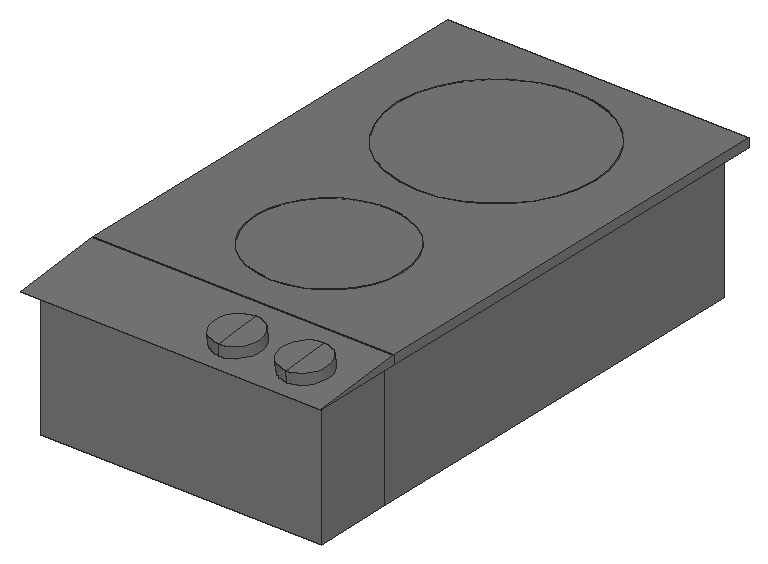
Revit family "VI230620", category Generic Models, Revit 2014
Parameters (values of type "VI230620")
  Width = 288 mm
  URL = "http://www.gaggenau.com."
  Model = "VI230620"
  Manufacturer = "Gaggenau"
  Height = 133 mm
  Unit = Black
  Description = "Gaggenau Vario 200 Series 2 induction cooktop"
  Depth = 512 mm
  Burner = Black
  Adjustment = Black
Reference planes
  plane 1 "Center (Front/Back)": y = 0
  plane 2: z = 0
  plane 3 "Center (Left/Right)": x = 0
  plane 4: x = -144
  plane 5: x = 144
  plane 6: y = 256
  plane 7: y = -256
  plane 8: z = 133
  plane 9: z = 124.5
Forms (mm)
  Extrusion 1, solid, material "Black" <- "Unit"
    sketch origin (0, 0, 0) x (1, 0, 0) y (0, 1, 0)
      loop
        line (-144, 256) -> (-144, -168.935) -> (144, -168.935) -> (144, 256) -> (-144, 256)
      loop
        circle (0, 134.109) r 95
      loop
        circle (0, -66.091) r 70
    from 124.5 to 133
  Extrusion 2, solid, material "Black" <- "Unit"
    sketch origin (0, 0, 0) x (0, 1, 0) y (0, 0, 1)
      loop
        line (-168.935, 133) -> (-256, 124.5) -> (-168.935, 124.5) -> (-168.935, 133)
    from -144 to 144
  Extrusion 3, solid, material "Black" <- "Unit"
    sketch origin (0, 0, 0) x (0, 1, 0) y (0, 0, 1)
      loop
        line (-168.935, 0) -> (-168.935, 124.5) -> (-244.036, 124.5) -> (-244.036, 0) -> (-168.935, 0)
    from -133.509 to 134.942
  Revolve 4, solid, material "Black" <- "Adjustment"
    sketch origin (100, 8.611, 18.146) x (0, 0.994972, 0.100156) y (0, -0.100156, 0.994972)
      loop
        line (-193.106, 132.266) -> (-193.106, 142.699) -> (-215.538, 142.699) -> (-215.538, 132.266) -> (-193.106, 132.266)
      axis (-215.538, 132.266) -> (-215.538, 142.699)
    angle from 0 to 360
  Extrusion 5, solid, material "Black" <- "Unit"
    sketch origin (0, 0, 0) x (0, 1, 0) y (0, 0, 1)
      loop
        line (-168.935, 124.5) -> (-168.935, 0) -> (238.418, 0) -> (238.418, 124.5) -> (-168.935, 124.5)
    from -133.509 to 134.942
  Extrusion 6, solid, material "Black" <- "Burner"
    sketch origin (0, 0, 133) x (1, 0, 0) y (0, 1, 0)
      loop
        circle (0, 134.109) r 95
      loop
        circle (0, -66.091) r 70
    from 0 to -8.5
  Revolve 7, solid, material "Black" <- "Adjustment"
    sketch origin (35, 8.611, 18.146) x (0, 0.994972, 0.100156) y (0, -0.100156, 0.994972)
      loop
        line (-193.106, 132.266) -> (-193.106, 142.699) -> (-215.538, 142.699) -> (-215.538, 132.266) -> (-193.106, 132.266)
      axis (-215.538, 132.266) -> (-215.538, 142.699)
    angle from 0 to 360
Dimensions and locks
  equal spacing: plane 4, plane 3 "Center (Left/Right)", plane 5
  equal spacing: plane 6, plane 1 "Center (Front/Back)", plane 7
  "Width": plane 4 to plane 5
  "Depth": plane 6 to plane 7
  "Height": plane 8 to plane 2
  locked: plane 8 to plane 9 at 8.5
  plane 9 to level = 124.5 mm
  aligned and locked: level to plane 2
Automatic sketch dimensions
  Extrusion 1 sketch curve to plane 4 = 0 mm
  Extrusion 1 sketch curve to plane 3 "Center (Left/Right)" = 0 mm  (x2)
  Extrusion 1 sketch curve to plane 5 = 0 mm
  Extrusion 1 sketch curve to plane 6 = 0 mm
  Extrusion 1 sketch curve to plane 6 = 121.891 mm
  plane 1 "Center (Front/Back)" to Extrusion 1 sketch curve = 66.091 mm
  Extrusion 1 sketch curve to plane 7 = 87.065 mm
  Extrusion 2 sketch curve to plane 7 = 0 mm
  Extrusion 2 sketch curve to plane 9 = 0 mm
  Extrusion 2 sketch curve to plane 8 = 0 mm
  Extrusion 2 sketch curve to plane 7 = 87.065 mm
  Extrusion 3 sketch curve to level = 0 mm
  Extrusion 3 sketch curve to plane 9 = 0 mm
  Extrusion 3 sketch curve to plane 7 = 11.964 mm
  Extrusion 3 sketch curve to Extrusion 3 sketch curve = 75.101 mm
  plane 9 to Revolve 4 sketch curve = 3.659 mm
  Revolve 4 sketch curve to plane 7 = 36.91 mm
  Revolve 4 sketch curve to Revolve 4 sketch curve = 22.432 mm
  Revolve 4 sketch curve to Revolve 4 sketch curve = 10.433 mm
  Revolve 4 sketch curve to Revolve 4 sketch curve = 0 mm
  Revolve 4 sketch curve to Revolve 4 sketch curve = 4.279 mm
  Revolve 4 sketch curve to Revolve 4 sketch curve = 2.893 mm
  Extrusion 5 sketch curve to level = 0 mm
  Extrusion 5 sketch curve to plane 9 = 0 mm
  Extrusion 5 sketch curve to plane 7 = 87.065 mm
  Extrusion 5 sketch curve to plane 6 = 17.582 mm
  plane 9 to Revolve 7 sketch curve = 3.659 mm
  Revolve 7 sketch curve to plane 7 = 36.91 mm
  Revolve 7 sketch curve to Revolve 7 sketch curve = 22.432 mm
  Revolve 7 sketch curve to Revolve 7 sketch curve = 10.433 mm
  Revolve 7 sketch curve to Revolve 7 sketch curve = 0 mm
  Revolve 7 sketch curve to Revolve 7 sketch curve = 4.279 mm
  Revolve 7 sketch curve to Revolve 7 sketch curve = 2.893 mm
  radius of Extrusion 1 sketch curve = 95 mm
  radius of Extrusion 1 sketch curve = 70 mm
  radius of Extrusion 6 sketch curve to Extrusion 1 = 0 mm  (x2)
